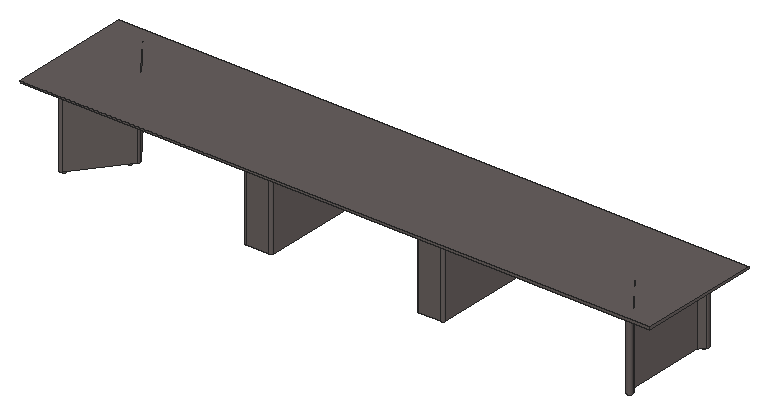
Revit family "Table-Teknion-CFTSTL_Figure_Table_Rectangular_Panel_V_Leg_Subtop-R2023", category Furniture, Revit 2023
Family settings
  OmniClass Number = 23.40.20.00
  OmniClass Title = General Furniture and Specialties
  Work Plane-Based = No
  Enable Cutting in Views = No
  Always vertical = Yes
  Cut with Voids When Loaded = No
  Render Appearance Source = Family Geometry
  Shared = Yes
  Room Calculation Point = No
Parameters (values of type "Figure Table, Rectangular, Panel V Leg, Subtop")
  Width [instance] = 240.000"
  Warranty = "http://www.teknion.com/ca/papers/legal-canada"
  V Leg Dim [instance] = if(Depth = 60.000", 33.045", 30.536")  # 33.045"
  Unit Weight URL = "http://www.teknion.com/ca/tools/assets#&asset=bee6a381-b954-425e-8283-5a2de3a804f2,f828d448-4b62-4231-9e5f-9a8991c0ed77"
  URL = "www.teknion.com"
  Top Finish [instance] = Veneer - Teknion - 5X - Flintwood - Dark Henna
  To render please download texture images found here [instance] = "https://assets.teknion.com/web/5e81352c1dfdb467/revit-material-swatches/"
  Sustainability Data = "https://www.teknion.com/ca/tools/assets#&topic=216f99a5-57a0-44fc-b10a-9dee9b29ae4c&asset=444deb64-fe58-4b68-981e-f75e97781df7,b4ff2d81-9f2e-437d-9659-7cffb09c31cf"
  Side Legs Dim [instance] = if(Depth = 60.000", 4.348", 3.581")  # 4.348"
  Series = "Custom Wood"  # constant formula
  Product Page URL = "https://www.teknion.com/ca/products/product-details?productLineId=f182336e-8e7a-673b-a6c8-ff00004460c4"
  Product Line = "Figure Table"  # constant formula
  Product Documentation Link = "https://d2r72yk5wmppdj.cloudfront.net/m/7b6608f508e3c5a8/Community_Table_Cut_Sheet.pdf"
  Power Cover Finish [instance] = Paint - Teknion - Mica - Graphite
  Part Number = "CFTSTL"  # constant formula
  Description = "Figure Table, Rectangular, Panel V Leg, Subtop"
  Base Finish [instance] = Veneer - Teknion - 5X - Flintwood - Dark Henna
  Base Dim [instance] = if(Depth = 60.000", 24.000", 18.000")  # 24.000"
  (N) No Central Base [instance] = not(or([(H) Hexa Panel], [(S) Softened Panel]))  # no
  Model = "CFTSTL______"  # constant formula
  Manufacturer Phone = "416-661-3370"  # constant formula
  Manufacturer Fax = "416.661.4586"  # constant formula
  Manufacturer Contact Information = "http://www.teknion.com/ca/contactus"
  Manufacturer Address = "1150 Flint Road, Toronto, ON. M3J 2J5. Canada"  # constant formula
  Manufacturer = "Teknion"  # constant formula
  How To Use Teknion Materials User Guide [instance] = "https://assets.teknion.com/m/205dd0a49fa58060/original/How-to-add-a-Material-Library-and-Texture-Images-to-your-Revit-project.pdf"
  (H) Hexa Panel [instance] = no
  For Additional Finishes please visit [instance] = "https://assets.teknion.com/m/44a8009b046e5d47/original/Teknion_Materials_Library.zip"
  Depth [instance] = 60.000"
  Default Elevation = 0.000"
  (S) Softened Panel [instance] = yes
  Central Base Options [instance] = if(Width > 131.000", "[(N) No Central Base] not available with selected width, Please select one of the options below", "Check / Uncheck for Base Options")  # "[(N) No Central Base] not available with selected width, Please select one of the options below"
  Base S 228"- [instance] = and([(S) Softened Panel], Width < 240.000")  # no
  Base S 240" [instance] = and([(S) Softened Panel], Width = 240.000")  # yes
  Base H 228"- [instance] = and([(H) Hexa Panel], Width < 240.000")  # no
  Base H 240" [instance] = and([(H) Hexa Panel], Width = 240.000")  # no
  Available Width [instance] = "Available In 96\", 108\", 120\", 132\", 144\", 156\", 168\", 180\", 192\", 204\", 216\", 228\", 240\""  # constant formula
  Available Depth [instance] = "Available In 48\", 54\", 60\""  # constant formula
  Assembly Code = "E2020200"
Reference planes (in)
  plane 1 "Center Front/Back": y = 0
  plane 2: z = 0
  plane 3 "Center Left/Right": x = 0.01361
  plane 4 "Left": x = -119.98639
  plane 5 "Right": x = 120.01361
  plane 6 "Back": y = 30
  plane 7 "Front": y = -30
  plane 8 "Top": z = 29
  plane 9: x = -39.98639
  plane 10: x = 40.01361
  plane 11: y = 12
  plane 12: y = -12
  plane 13: x = -86.94139
  plane 14: x = 86.96861
  plane 15: x = -35.63839
  plane 16: x = 35.66561
  plane 17: y = 22
  plane 18: x = 112.01361
  plane 19: x = -111.98639
  plane 20: y = -22
Forms (in)
  Sweep 1, solid, material "Veneer - Teknion - 5X - Flintwood - Dark Henna" <- "Top Finish"
    path origin (0, 0, 0) x (1, 0, 0) y (0, 0, 1)
      loop
        line (0.01361, 26.75) -> (0.01361, 27.5)
    profile origin (0.01361, 0, 27.125) x (-1, 0, 0) y (0, -1, 0)
      loop
        line (112, 22) -> (-112, 22) -> (-112, -22) -> (112, -22) -> (112, 22)
  Sweep 2, solid, material "Veneer - Teknion - 5X - Flintwood - Dark Henna" <- "Base Finish"
    path origin (0, 0, 0) x (1, 0, 0) y (0, 1, 0)
      loop
        line (100.01361, 0) -> (-99.98639, 0)
    profile origin (0.01361, 0, 0) x (0, -1, 0) y (0, 0, 1)
      loop
        line (-7.932, 18.75) -> (-10.932, 26.75) -> (-12, 26.75) -> (-9, 18.75) -> (-7.932, 18.75)
      loop
        line (10.932, 26.75) -> (7.932, 18.75) -> (9, 18.75) -> (12, 26.75) -> (10.932, 26.75)
  Sweep 3, void
    path origin (0, 0, 0) x (1, 0, 0) y (0, 0, 1)
      loop
        line (0.01361, 42) -> (0.01361, 18.75)
    profile origin (0.01361, 0, 30.375) x (0, -1, 0) y (1, 0, 0)
      loop
        line (-17.38985, -100.03867) -> (-17.38985, -104) -> (18, -104) -> (18, -100.50685) -> (0, -86.69497) -> (-17.38985, -100.03867)
      loop
        line (0, 86.69497) -> (17.68067, 100.26182) -> (17.68067, 104) -> (-17.31933, 104) -> (-17.31933, 99.98456) -> (0, 86.69497)
Cuts and joins
  Sweep 3 cuts Sweep 2
Lines and regions (in)
  Masking region 1
    outline origin (0, 0, 0) x (1, 0, 0) y (0, 1, 0)
      loop
        line (112.01361, 22) -> (-111.98639, 22) -> (-111.98639, -22) -> (112.01361, -22) -> (112.01361, 22)
  symbolic lines, style "FurnitureHiddenLines", detail levels medium+fine
    curve 1: line (-95.06977, 10.932, 0) -> (95.097, 10.932, 0)
    curve 2: line (95.097, 10.932, 0) -> (95.91651, 12, 0)
    curve 3: line (95.91651, 12, 0) -> (-95.88928, 12, 0)
    curve 4: line (-95.88928, 12, 0) -> (-95.06977, 10.932, 0)
    curve 5: line (-92.76779, 7.932, 0) -> (92.79502, 7.932, 0)
    curve 6: line (-93.5873, 9, 0) -> (93.61453, 9, 0)
    curve 7: line (92.79502, -7.932, 0) -> (-92.76779, -7.932, 0)
    curve 8: line (-93.5873, -9, 0) -> (93.61453, -9, 0)
    curve 9: line (-95.06977, -10.932, 0) -> (95.097, -10.932, 0)
    curve 10: line (-95.88928, -12, 0) -> (95.91651, -12, 0)
  reference lines
    curve 11: line (-111.98639, 22, 0) -> (112.01361, 22, 0)
    curve 12: line (-111.98639, 22, 0) -> (-111.98639, -22, 0)
    curve 13: line (112.01361, -22, 0) -> (-111.98639, -22, 0)
    curve 14: line (112.01361, -22, 0) -> (112.01361, 22, 0)
Dimensions and locks (in)
  "Width": plane 4 "Left" to plane 5 "Right"
  "Depth": plane 6 "Back" to plane 7 "Front"
  plane 8 "Top" to level = 29.000"
  plane 8 "Top" to Sweep 1 sketch curve to Sweep 1 sketch curve = 1.500" locked, 0.750" locked
  locked: plane 4 "Left" to Sweep 2 sketch curve at 20
  locked: Sweep 2 sketch curve to plane 5 "Right" at 20
  Sweep 2 sketch curve to Sweep 2 sketch curve to Sweep 2 sketch curve to Sweep 2 sketch curve = 1.068" locked, 1.932" locked, 1.068" locked
  Sweep 2 sketch curve to Sweep 2 sketch curve to Sweep 2 sketch curve to Sweep 2 sketch curve = 1.068", 1.932" locked, 1.068" locked
  plane 8 "Top" to Sweep 2 sketch curve to Sweep 2 sketch curve = 2.250" locked, 8.000" locked  (x2)
  locked: plane 7 "Front" to Sweep 1 sketch curve at 8
  locked: plane 4 "Left" to Sweep 1 sketch curve at 8
  locked: plane 6 "Back" to Sweep 1 sketch curve at 8
  locked: Sweep 1 sketch curve to plane 5 "Right" at 8
  equal spacing: plane 4 "Left", plane 3 "Center Left/Right", plane 5 "Right"
  equal spacing: plane 7 "Front", plane 1 "Center Front/Back", plane 6 "Back"
  equal spacing: plane 4 "Left", plane 9, plane 10, plane 5 "Right"
  equal spacing: plane 11, plane 1 "Center Front/Back", plane 12
  "Base Dim": plane 12 to plane 11
  "V Leg Dim": plane 4 "Left" to plane 13
  "V Leg Dim": plane 14 to plane 5 "Right"
  Sweep 3 sketch curve to plane 8 "Top" to Sweep 3 sketch curve = 13.000" locked, 10.250" locked
  Sweep 3 sketch curve to nested 8 to Sweep 3 sketch curve to Sweep 3 sketch curve = 18.000" locked, 0.000" locked, 17.38985" locked
  Sweep 3 sketch curve to plane 1 "Center Front/Back" to Sweep 3 sketch curve to Sweep 3 sketch curve = 17.68067" locked, 0.000" locked, 17.31933" locked
  Sweep 3 sketch curve to plane 14 to Sweep 3 sketch curve to Sweep 3 sketch curve to Sweep 3 sketch curve = 0.26003" locked, 13.02956" locked, 0.27727" locked, 3.73818" locked
  Sweep 3 sketch curve to Sweep 3 sketch curve to Sweep 3 sketch curve to plane 13 to Sweep 3 sketch curve = 3.49315" locked, 0.46819" locked, 13.08367" locked, 0.26003" locked
  "Side Legs Dim": plane 9 to plane 15
  "Side Legs Dim": plane 16 to plane 10
  locked: plane 7 "Front" to plane 20 at 8
  locked: plane 4 "Left" to plane 19 at 8
  locked: plane 6 "Back" to plane 17 at 8
  locked: plane 18 to plane 5 "Right" at 8
  aligned and locked: level to plane 2
  aligned and locked: plane 3 "Center Left/Right" to Sweep 1 sketch curve
  aligned and locked: Sweep 2 sketch curve to plane 1 "Center Front/Back"
  aligned and locked: plane 1 "Center Front/Back" to nested 1
  aligned and locked: plane 1 "Center Front/Back" to nested 2
  aligned and locked: plane 3 "Center Left/Right" to nested 3
  aligned and locked: plane 1 "Center Front/Back" to nested 3
  aligned and locked: plane 1 "Center Front/Back" to nested 6
  aligned and locked: plane 1 "Center Front/Back" to nested 4
  aligned and locked: plane 3 "Center Left/Right" to nested 5
  aligned and locked: plane 1 "Center Front/Back" to nested 5
  aligned and locked: plane 3 "Center Left/Right" to nested 7
  aligned and locked: plane 1 "Center Front/Back" to nested 7
  aligned and locked: plane 2 to nested 4
  aligned and locked: plane 2 to nested 3
  aligned and locked: plane 2 to nested 2
  aligned and locked: plane 2 to nested 1
  aligned and locked: plane 2 to nested 5
  aligned and locked: plane 2 to nested 6
  aligned and locked: plane 12 to Sweep 2 sketch curve
  aligned and locked: plane 11 to Sweep 2 sketch curve
  aligned and locked: plane 1 "Center Front/Back" to nested 8
  aligned and locked: nested 9 to plane 1 "Center Front/Back"
  aligned and locked: nested 8 to plane 13
  aligned and locked: plane 14 to nested 9
  aligned and locked: Sweep 3 sketch curve to plane 3 "Center Left/Right"
  aligned and locked: nested 4 to plane 15
  aligned and locked: nested 1 to plane 15
  aligned and locked: nested 2 to plane 16
  aligned and locked: nested 6 to plane 16
  aligned and locked: nested 8 to plane 2
  aligned and locked: nested 9 to plane 2
  aligned and locked: curve 1 to cut or joined group of Sweep 2, Sweep 3
  aligned and locked: curve 2 to cut or joined group of Sweep 2, Sweep 3
  aligned and locked: curve 3 to cut or joined group of Sweep 2, Sweep 3
  aligned and locked: curve 4 to cut or joined group of Sweep 2, Sweep 3
  aligned and locked: curve 5 to cut or joined group of Sweep 2, Sweep 3
  aligned and locked: curve 6 to cut or joined group of Sweep 2, Sweep 3
  aligned and locked: curve 7 to cut or joined group of Sweep 2, Sweep 3
  aligned and locked: curve 8 to cut or joined group of Sweep 2, Sweep 3
  aligned and locked: curve 9 to cut or joined group of Sweep 2, Sweep 3
  aligned and locked: curve 10 to cut or joined group of Sweep 2, Sweep 3
  aligned and locked: Masking region 1 sketch curve to Sweep 1  (x4)
  aligned and locked: curve 11 to plane 17
  aligned and locked: curve 12 to plane 19
  aligned and locked: curve 13 to plane 20
  aligned and locked: curve 14 to plane 18
Automatic sketch dimensions
  curve 1 to curve 5 = 2.30198"
  curve 5 to curve 1 = 2.30198"
  curve 6 to curve 5 = 0.81951"
  curve 5 to curve 6 = 0.81951"
  curve 7 to plane 13 = 5.82641"
  curve 7 to plane 14 = 5.82641"
  curve 8 to curve 7 = 0.81951"
  curve 7 to curve 8 = 0.81951"
  curve 9 to curve 8 = 1.48248"
  curve 8 to curve 9 = 1.48248"
  curve 10 to curve 9 = 0.81951"
  curve 9 to curve 10 = 0.81951"
Nested families (in)
  nested 1: "Softened Panel" at (-30.63839, 0, 0), Depth <- "Depth", Base Finish <- "Base Finish", visible <- "Base S 240"", type "Softened Panel"
    with Top Cutout yes, To render please download texture images found here "https://assets.teknion.com/web/5e81352c1dfdb467/revit-material-swatches/", Panel Width 36.000", Mid Leg no, Mid Cutout yes, Left Cutout yes, How To Use Teknion Materials User Guide "https://assets.teknion.com/m/205dd0a49fa58060/original/How-to-add-a-Material-Library-and-Texture-Images-to-your-Revit-project.pdf", Glide Finish Paint - Teknion - Foundation - Ebony, For Additional Finishes please visit "https://assets.teknion.com/m/44a8009b046e5d47/original/Teknion_Materials_Library.zip", Depth 60.000", Bottom Cutout yes, Base Finish Veneer - Teknion - 5X - Flintwood - Dark Henna
  nested 2: "Softened Panel" at (30.66561, 0, 0), Depth <- "Depth", Base Finish <- "Base Finish", visible <- "Base S 240"", type "Softened Panel"
    with Top Cutout yes, To render please download texture images found here "https://assets.teknion.com/web/5e81352c1dfdb467/revit-material-swatches/", Panel Width 36.000", Mid Leg no, Mid Cutout yes, Left Cutout no, How To Use Teknion Materials User Guide "https://assets.teknion.com/m/205dd0a49fa58060/original/How-to-add-a-Material-Library-and-Texture-Images-to-your-Revit-project.pdf", Glide Finish Paint - Teknion - Foundation - Ebony, For Additional Finishes please visit "https://assets.teknion.com/m/44a8009b046e5d47/original/Teknion_Materials_Library.zip", Depth 60.000", Bottom Cutout no, Base Finish Veneer - Teknion - 5X - Flintwood - Dark Henna
  nested 3: "Softened Panel" at (0.01361, 0, 0), Depth <- "Depth", Base Finish <- "Base Finish", visible <- "Base S 228"-", type "Softened Panel"
    with Top Cutout yes, To render please download texture images found here "https://assets.teknion.com/web/5e81352c1dfdb467/revit-material-swatches/", Panel Width 36.000", Mid Leg no, Mid Cutout yes, Left Cutout yes, How To Use Teknion Materials User Guide "https://assets.teknion.com/m/205dd0a49fa58060/original/How-to-add-a-Material-Library-and-Texture-Images-to-your-Revit-project.pdf", Glide Finish Paint - Teknion - Foundation - Ebony, For Additional Finishes please visit "https://assets.teknion.com/m/44a8009b046e5d47/original/Teknion_Materials_Library.zip", Depth 60.000", Bottom Cutout yes, Base Finish Veneer - Teknion - 5X - Flintwood - Dark Henna
  nested 4: "Hexa Panel" at (-30.63839, 0, 0), Base Finish <- "Base Finish", visible <- "Base H 240"", Depth <- "Depth", type "Hexa Panel"
    with To render please download texture images found here "https://assets.teknion.com/web/5e81352c1dfdb467/revit-material-swatches/", Panel Width 36.000", Mid Leg no, Left Cutout yes, How To Use Teknion Materials User Guide "https://assets.teknion.com/m/205dd0a49fa58060/original/How-to-add-a-Material-Library-and-Texture-Images-to-your-Revit-project.pdf", Glide Finish Paint - Teknion - Foundation - Ebony, For Additional Finishes please visit "https://assets.teknion.com/m/44a8009b046e5d47/original/Teknion_Materials_Library.zip", Depth 60.000", Base Finish Veneer - Teknion - 5X - Flintwood - Dark Henna
  nested 5: "Hexa Panel" at (0.01361, 0, 0), Base Finish <- "Base Finish", Depth <- "Depth", visible <- "Base H 228"-", type "Hexa Panel"
    with To render please download texture images found here "https://assets.teknion.com/web/5e81352c1dfdb467/revit-material-swatches/", Panel Width 36.000", Mid Leg no, Left Cutout yes, How To Use Teknion Materials User Guide "https://assets.teknion.com/m/205dd0a49fa58060/original/How-to-add-a-Material-Library-and-Texture-Images-to-your-Revit-project.pdf", Glide Finish Paint - Teknion - Foundation - Ebony, For Additional Finishes please visit "https://assets.teknion.com/m/44a8009b046e5d47/original/Teknion_Materials_Library.zip", Depth 60.000", Base Finish Veneer - Teknion - 5X - Flintwood - Dark Henna
  nested 6: "Hexa Panel" at (30.66561, 0, 0), Base Finish <- "Base Finish", visible <- "Base H 240"", Depth <- "Depth", type "Hexa Panel"
    with To render please download texture images found here "https://assets.teknion.com/web/5e81352c1dfdb467/revit-material-swatches/", Panel Width 36.000", Mid Leg no, Left Cutout no, How To Use Teknion Materials User Guide "https://assets.teknion.com/m/205dd0a49fa58060/original/How-to-add-a-Material-Library-and-Texture-Images-to-your-Revit-project.pdf", Glide Finish Paint - Teknion - Foundation - Ebony, For Additional Finishes please visit "https://assets.teknion.com/m/44a8009b046e5d47/original/Teknion_Materials_Library.zip", Depth 60.000", Base Finish Veneer - Teknion - 5X - Flintwood - Dark Henna
  nested 7: "Teknion_2D_Node_Family-R2021" at (0.01361, 0, 0), type "Teknion_2D_Node_Family-R2021"
  nested 8: "V Leg" at (-100.68179, 0.10332, 0), Base Finish <- "Base Finish", Depth <- "Depth", type "V Leg"
    with V Leg - Width 15.045", V Leg - Depth 36.000", To render please download texture images found here "https://assets.teknion.com/web/5e81352c1dfdb467/revit-material-swatches/", How To Use Teknion Materials User Guide "https://assets.teknion.com/m/205dd0a49fa58060/original/How-to-add-a-Material-Library-and-Texture-Images-to-your-Revit-project.pdf", Glide Finish Paint - Teknion - Foundation - Ebony, For Additional Finishes please visit "https://assets.teknion.com/m/44a8009b046e5d47/original/Teknion_Materials_Library.zip", Depth 60.000", Base Finish Veneer - Teknion - 5X - Flintwood - Dark Henna
  nested 9: "V Leg" at (100.70901, 0.10332, 0) x (-1, 0, 0) z (0, 0, 1), Base Finish <- "Base Finish", Depth <- "Depth", type "V Leg"
    with V Leg - Width 15.045", V Leg - Depth 36.000", To render please download texture images found here "https://assets.teknion.com/web/5e81352c1dfdb467/revit-material-swatches/", How To Use Teknion Materials User Guide "https://assets.teknion.com/m/205dd0a49fa58060/original/How-to-add-a-Material-Library-and-Texture-Images-to-your-Revit-project.pdf", Glide Finish Paint - Teknion - Foundation - Ebony, For Additional Finishes please visit "https://assets.teknion.com/m/44a8009b046e5d47/original/Teknion_Materials_Library.zip", Depth 60.000", Base Finish Veneer - Teknion - 5X - Flintwood - Dark Henna
Definition of nested family "Softened Panel"
  Parameters (values of type "Softened Panel")
    Warranty = "http://www.teknion.com/ca/papers/legal-canada"
    Unit Weight URL = "http://www.teknion.com/ca/tools/assets#&asset=bee6a381-b954-425e-8283-5a2de3a804f2,f828d448-4b62-4231-9e5f-9a8991c0ed77"
    URL = "www.teknion.com"
    Top Cutout [instance] = yes
    To render please download texture images found here [instance] = "https://assets.teknion.com/web/5e81352c1dfdb467/revit-material-swatches/"
    Sustainability Data = "https://www.teknion.com/ca/tools/assets#&topic=216f99a5-57a0-44fc-b10a-9dee9b29ae4c&asset=444deb64-fe58-4b68-981e-f75e97781df7,b4ff2d81-9f2e-437d-9659-7cffb09c31cf"
    Series = ""
    Product Page URL = ""
    Product Line = ""
    Product Documentation Link = ""
    Part Number = ""
    Panel Width [instance] = if(Depth = 60.000", 36.000", 30.000")  # 30.000"
    Model = ""
    Mid Leg [instance] = yes
    Mid Cutout [instance] = not(Mid Leg)  # no
    Manufacturer Phone = "416-661-3370"  # constant formula
    Manufacturer Fax = "416.661.4586"  # constant formula
    Manufacturer Contact Information = "http://www.teknion.com/ca/contactus"
    Manufacturer Address = "1150 Flint Road, Toronto, ON. M3J 2J5. Canada"  # constant formula
    Manufacturer = "Teknion"  # constant formula
    Left Cutout [instance] = yes
    How To Use Teknion Materials User Guide [instance] = "https://assets.teknion.com/m/205dd0a49fa58060/original/How-to-add-a-Material-Library-and-Texture-Images-to-your-Revit-project.pdf"
    Glide Finish [instance] = none
    For Additional Finishes please visit [instance] = "https://assets.teknion.com/m/44a8009b046e5d47/original/Teknion_Materials_Library.zip"
    Description = "Softened Panel"
    Depth [instance] = 0.000"
    Default Elevation = 0.000"
    Bottom Cutout [instance] = yes
    Base Finish [instance] = none
    Assembly Code = "E2020200"
  Reference planes (in)
    plane 1 "Center Front/Back": y = 0
    plane 2: z = 0
    plane 3 "Center Left/Right": x = 0
    plane 4 "Left": x = -5
    plane 5 "Right": x = 5
    plane 6 "Back": y = 15
    plane 7 "Front": y = -15
    plane 8 "Top": z = 26.75
    plane 9 "1": y = -13.646
    plane 10 "2": y = 13.646
    plane 11: z = 0.5
  Forms (in)
    Revolve 1, solid, material <- "Glide Finish"
      sketch origin (0, -13.646, 0) x (-1, 0, 0) y (0, 0, 1)
        loop
          line (3.64645, 0.25) -> (3.64645, 0) -> (4.14645, 0) -> (4.14645, 0.25) -> (3.64645, 0.25)
        axis (3.64645, 0.25) -> (3.64645, 0)
      angle from 0 to 360
    Revolve 2, solid, material <- "Glide Finish"
      sketch origin (7.81887, -13.646, 0) x (-1, 0, 0) y (0, 0, 1)
        loop
          line (4.17242, 0.25) -> (4.17242, 0) -> (4.67242, 0) -> (4.67242, 0.25) -> (4.17242, 0.25)
        axis (4.17242, 0.25) -> (4.17242, 0)
      angle from 0 to 360
    Revolve 3, solid, material <- "Glide Finish"
      sketch origin (0, 13.646, 0) x (-1, 0, 0) y (0, 0, 1)
        loop
          line (3.64645, 0.25) -> (3.64645, 0) -> (4.14645, 0) -> (4.14645, 0.25) -> (3.64645, 0.25)
        axis (3.64645, 0.25) -> (3.64645, 0)
      angle from 0 to 360
    Revolve 4, solid, material <- "Glide Finish"
      sketch origin (0, 13.646, 0) x (-1, 0, 0) y (0, 0, 1)
        loop
          line (-3.64645, 0.25) -> (-3.64645, 0) -> (-3.14645, 0) -> (-3.14645, 0.25) -> (-3.64645, 0.25)
        axis (-3.64645, 0.25) -> (-3.64645, 0)
      angle from 0 to 360
    Sweep 5, solid, material <- "Glide Finish"
      path origin (0, 0, 0) x (1, 0, 0) y (0, 0, 1)
        loop
          line (0, 0.5) -> (0, 0.25)
      profile origin (0, 0, 0.375) x (0, -1, 0) y (1, 0, 0)
        loop
          line (13.3335, -3.82713) -> (13.646, -4.00755) -> (13.9585, -3.82713) -> (13.9585, -3.46628) -> (13.646, -3.28586) -> (13.3335, -3.46628) -> (13.3335, -3.82713)
        loop
          line (13.3335, 3.46628) -> (13.646, 3.28586) -> (13.9585, 3.46628) -> (13.9585, 3.82713) -> (13.646, 4.00755) -> (13.3335, 3.82713) -> (13.3335, 3.46628)
        loop
          line (-13.9585, 3.46628) -> (-13.646, 3.28586) -> (-13.3335, 3.46628) -> (-13.3335, 3.82713) -> (-13.646, 4.00755) -> (-13.9585, 3.82713) -> (-13.9585, 3.46628)
        loop
          line (-13.9585, -3.82713) -> (-13.646, -4.00755) -> (-13.3335, -3.82713) -> (-13.3335, -3.46628) -> (-13.646, -3.28586) -> (-13.9585, -3.46628) -> (-13.9585, -3.82713)
    Sweep 6, solid, material <- "Base Finish"
      path origin (0, 0, 0) x (1, 0, 0) y (0, 0, 1)
        loop
          line (0, 26.75) -> (0, 0.5)
      profile origin (0, 0, 13.625) x (0, -1, 0) y (1, 0, 0)
        loop
          line (14, 5) -> (-14, 5)
          arc (-14, 5) -> (-14.70711, 4.70711) -> (-15, 4) r 1
          line (-15, 4) -> (-15, -4)
          arc (-15, -4) -> (-14.70711, -4.70711) -> (-14, -5) r 1
          line (-14, -5) -> (14, -5)
          arc (14, -5) -> (14.70711, -4.70711) -> (15, -4) r 1
          line (15, -4) -> (15, 4)
          arc (15, 4) -> (14.70711, 4.70711) -> (14, 5) r 1
    Sweep 7, void
      path origin (0, 0, 0) x (1, 0, 0) y (0, 1, 0)
        loop
          line (7.5, 0) -> (-7.5, 0)
      profile origin (0, 0, 0) x (0, -1, 0) y (0, 0, 1)
        loop
          line (-5, 27.5) -> (-5, 24.5)
          arc (-5, 24.5) -> (-4.85355, 24.14645) -> (-4.5, 24) r 0.5
          line (-4.5, 24) -> (4.5, 24)
          arc (4.5, 24) -> (4.85355, 24.14645) -> (5, 24.5) r 0.5
          line (5, 24.5) -> (5, 27.5) -> (-5, 27.5)
    Sweep 8, void
      path origin (0, 0, 0) x (1, 0, 0) y (0, 0, 1)
        loop
          line (0, 26) -> (0, 1.25)
      profile origin (0, 0, 13.625) x (0, -1, 0) y (1, 0, 0)
        loop
          line (-14.25, -4.25) -> (14.25, -4.25) -> (14.25, 4.25) -> (-14.25, 4.25) -> (-14.25, -4.25)
    Sweep 9, void
      path origin (0, 0, 0) x (1, 0, 0) y (0, 0, 1)
        loop
          line (0, 0) -> (0, 2)
      profile origin (0, 0, 1) x (-1, 0, 0) y (0, -1, 0)
        loop
          arc (3, -2.64575) -> (4, 0) -> (3, 2.64575) r 4
          line (3, 2.64575) -> (3, 4.5)
          arc (3, 4.5) -> (2.85355, 4.85355) -> (2.5, 5) r 0.5
          line (2.5, 5) -> (-2.5, 5)
          arc (-2.5, 5) -> (-2.85355, 4.85355) -> (-3, 4.5) r 0.5
          line (-3, 4.5) -> (-3, 2.64575)
          arc (-3, 2.64575) -> (-4, 0) -> (-3, -2.64575) r 4
          line (-3, -2.64575) -> (-3, -4.5)
          arc (-3, -4.5) -> (-2.85355, -4.85355) -> (-2.5, -5) r 0.5
          line (-2.5, -5) -> (2.5, -5)
          arc (2.5, -5) -> (2.85355, -4.85355) -> (3, -4.5) r 0.5
          line (3, -4.5) -> (3, -2.64575)
    Sweep 10, void
      path origin (0, 0, 0) x (1, 0, 0) y (0, 1, 0)
        loop
          line (-2.5, 0) -> (-7.5, 0)
      profile origin (-5, 0, 0) x (0, -1, 0) y (0, 0, 1)
        loop
          line (-3.9, 21) -> (-3.9, 4.6) -> (3.9, 4.6) -> (3.9, 21) -> (-3.9, 21)
        loop
          line (-4, 22) -> (-4, 4.5) -> (4, 4.5) -> (4, 22)
          arc (4, 22) -> (3.85355, 22.35355) -> (3.5, 22.5) r 0.5
          line (3.5, 22.5) -> (-3.5, 22.5)
          arc (-3.5, 22.5) -> (-3.85355, 22.35355) -> (-4, 22) r 0.5
    Sweep 11, void
      path origin (0, 0, 0) x (1, 0, 0) y (0, 1, 0)
        loop
          line (7.5, 0) -> (-7.25, 0)
      profile origin (0.125, 0, 0) x (0, -1, 0) y (0, 0, 1)
        loop
          arc (2.75, 24) -> (2.92678, 24.07322) -> (3, 24.25) r 0.25
          line (3, 24.25) -> (3, 25.75)
          arc (3, 25.75) -> (2.92678, 25.92678) -> (2.75, 26) r 0.25
          line (2.75, 26) -> (-2.75, 26)
          arc (-2.75, 26) -> (-2.92678, 25.92678) -> (-3, 25.75) r 0.25
          line (-3, 25.75) -> (-3, 24.25)
          arc (-3, 24.25) -> (-2.92678, 24.07322) -> (-2.75, 24) r 0.25
          line (-2.75, 24) -> (2.75, 24)
    Sweep 12, void
      path origin (0, 0, 0) x (1, 0, 0) y (0, 0, 1)
        loop
          line (0, 28.75) -> (0, -1.25)
      profile origin (0, 0, 13.75) x (0, -1, 0) y (1, 0, 0)
        loop
          arc (4.5, -3) -> (4.85355, -2.85355) -> (5, -2.5) r 0.5
          line (5, -2.5) -> (5, 2.5)
          arc (5, 2.5) -> (4.85355, 2.85355) -> (4.5, 3) r 0.5
          line (4.5, 3) -> (-4.5, 3)
          arc (-4.5, 3) -> (-4.85355, 2.85355) -> (-5, 2.5) r 0.5
          line (-5, 2.5) -> (-5, -2.5)
          arc (-5, -2.5) -> (-4.85355, -2.85355) -> (-4.5, -3) r 0.5
          line (-4.5, -3) -> (4.5, -3)
  Cuts and joins
    joined: Revolve 1, Revolve 2, Revolve 3, Revolve 4, Sweep 5
    Sweep 7, Sweep 8, Sweep 9, Sweep 10, Sweep 11, Sweep 12 cuts Sweep 6
  Lines and regions (in)
    symbolic lines, visible <- "Bottom Cutout", detail levels medium+fine
      curve 1: arc (3, 2.64575, 0) -> (4, 0, 0) -> (3, -2.64575, 0) r 4
      curve 2: arc (-3, -2.64575, 0) -> (-4, 0, 0) -> (-3, 2.64575, 0) r 4
      curve 41: arc (-3, 2.64575, 0) -> (-4, 0, 0) -> (-3, -2.64575, 0) r 4
      curve 47: arc (3, -2.64575, 0) -> (4, 0, 0) -> (3, 2.64575, 0) r 4
    symbolic lines, not visible, detail levels medium+fine
      curve 3: line (5, 5, 0) -> (-5, 5, 0)
      curve 4: line (-5, -5, 0) -> (5, -5, 0)
    symbolic lines, detail levels fine
      curve 5: line (-3.46628, 13.9585, 0) -> (-3.82713, 13.9585, 0)
      curve 6: line (-3.82713, 13.9585, 0) -> (-4.00755, 13.646, 0)
      curve 7: line (-4.00755, 13.646, 0) -> (-3.82713, 13.3335, 0)
      curve 8: line (-3.82713, 13.3335, 0) -> (-3.46628, 13.3335, 0)
      curve 9: line (-3.46628, 13.3335, 0) -> (-3.28586, 13.646, 0)
      curve 10: line (-3.28586, 13.646, 0) -> (-3.46628, 13.9585, 0)
      curve 11: arc (-4.14645, 13.646, 0) -> (-3.64645, 14.146, 0) -> (-3.14645, 13.646, 0) r 0.5
      curve 12: arc (-3.14645, 13.646, 0) -> (-3.64645, 13.146, 0) -> (-4.14645, 13.646, 0) r 0.5
      curve 13: arc (4.14645, 13.646, 0) -> (3.64645, 13.146, 0) -> (3.14645, 13.646, 0) r 0.5
      curve 14: arc (3.14645, 13.646, 0) -> (3.64645, 14.146, 0) -> (4.14645, 13.646, 0) r 0.5
      curve 15: line (3.82713, 13.9585, 0) -> (3.46628, 13.9585, 0)
      curve 16: line (3.46628, 13.9585, 0) -> (3.28586, 13.646, 0)
      curve 17: line (3.28586, 13.646, 0) -> (3.46628, 13.3335, 0)
      curve 18: line (3.46628, 13.3335, 0) -> (3.82713, 13.3335, 0)
      curve 19: line (3.82713, 13.3335, 0) -> (4.00755, 13.646, 0)
      curve 20: line (4.00755, 13.646, 0) -> (3.82713, 13.9585, 0)
      curve 21: line (3.82713, -13.3335, 0) -> (3.46628, -13.3335, 0)
      curve 22: line (3.46628, -13.3335, 0) -> (3.28586, -13.646, 0)
      curve 23: line (3.28586, -13.646, 0) -> (3.46628, -13.9585, 0)
      curve 24: line (3.46628, -13.9585, 0) -> (3.82713, -13.9585, 0)
      curve 25: line (3.82713, -13.9585, 0) -> (4.00755, -13.646, 0)
      curve 26: line (4.00755, -13.646, 0) -> (3.82713, -13.3335, 0)
      curve 27: arc (4.14645, -13.646, 0) -> (3.64645, -13.146, 0) -> (3.14645, -13.646, 0) r 0.5
      curve 28: arc (3.14645, -13.646, 0) -> (3.64645, -14.146, 0) -> (4.14645, -13.646, 0) r 0.5
      curve 29: arc (-4.14645, -13.646, 0) -> (-3.64645, -14.146, 0) -> (-3.14645, -13.646, 0) r 0.5
      curve 30: arc (-3.14645, -13.646, 0) -> (-3.64645, -13.146, 0) -> (-4.14645, -13.646, 0) r 0.5
      curve 31: line (-3.28586, -13.646, 0) -> (-3.46628, -13.3335, 0)
      curve 32: line (-3.46628, -13.3335, 0) -> (-3.82713, -13.3335, 0)
      curve 33: line (-3.82713, -13.3335, 0) -> (-4.00755, -13.646, 0)
      curve 34: line (-4.00755, -13.646, 0) -> (-3.82713, -13.9585, 0)
      curve 35: line (-3.82713, -13.9585, 0) -> (-3.46628, -13.9585, 0)
      curve 36: line (-3.46628, -13.9585, 0) -> (-3.28586, -13.646, 0)
    symbolic lines, detail levels medium+fine
      curve 37: line (-4.25, 14.25, 0) -> (-4.25, -14.25, 0)
      curve 38: line (-4.25, -14.25, 0) -> (4.25, -14.25, 0)
      curve 39: line (4.25, -14.25, 0) -> (4.25, 14.25, 0)
      curve 40: line (4.25, 14.25, 0) -> (-4.25, 14.25, 0)
      curve 42: line (-3, -2.64575, 0) -> (-3, -4.5, 0)
      curve 43: arc (-3, -4.5, 0) -> (-2.85355, -4.85355, 0) -> (-2.5, -5, 0) r 0.5
      curve 44: line (-2.5, -5, 0) -> (2.5, -5, 0)
      curve 45: arc (2.5, -5, 0) -> (2.85355, -4.85355, 0) -> (3, -4.5, 0) r 0.5
      curve 46: line (3, -4.5, 0) -> (3, -2.64575, 0)
      curve 48: line (3, 2.64575, 0) -> (3, 4.5, 0)
      curve 49: arc (3, 4.5, 0) -> (2.85355, 4.85355, 0) -> (2.5, 5, 0) r 0.5
      curve 50: line (2.5, 5, 0) -> (-2.5, 5, 0)
      curve 51: arc (-2.5, 5, 0) -> (-2.85355, 4.85355, 0) -> (-3, 4.5, 0) r 0.5
      curve 52: line (-3, 4.5, 0) -> (-3, 2.64575, 0)
      curve 53: line (-3, -4.5, 0) -> (-3, 4.5, 0)
      curve 54: arc (-3, 4.5, 0) -> (-2.85355, 4.85355, 0) -> (-2.5, 5, 0) r 0.5
      curve 55: line (-2.5, 5, 0) -> (2.5, 5, 0)
      curve 56: arc (2.5, 5, 0) -> (2.85355, 4.85355, 0) -> (3, 4.5, 0) r 0.5
      curve 57: line (3, 4.5, 0) -> (3, -4.5, 0)
      curve 58: arc (3, -4.5, 0) -> (2.85355, -4.85355, 0) -> (2.5, -5, 0) r 0.5
      curve 59: line (2.5, -5, 0) -> (-2.5, -5, 0)
      curve 60: arc (-2.5, -5, 0) -> (-2.85355, -4.85355, 0) -> (-3, -4.5, 0) r 0.5
      curve 61: line (-5, 14, 0) -> (-5, -14, 0)
      curve 62: arc (-5, -14, 0) -> (-4.70711, -14.70711, 0) -> (-4, -15, 0) r 1
      curve 63: line (-4, -15, 0) -> (4, -15, 0)
      curve 64: arc (4, -15, 0) -> (4.70711, -14.70711, 0) -> (5, -14, 0) r 1
      curve 65: line (5, -14, 0) -> (5, 14, 0)
      curve 66: arc (5, 14, 0) -> (4.70711, 14.70711, 0) -> (4, 15, 0) r 1
      curve 67: line (4, 15, 0) -> (-4, 15, 0)
      curve 68: arc (-4, 15, 0) -> (-4.70711, 14.70711, 0) -> (-5, 14, 0) r 1
  Dimensions and locks (in)
    plane 4 "Left" to plane 5 "Right" = 10.000"
    "Panel Width": plane 6 "Back" to plane 7 "Front"
    locked: plane 8 "Top" to level at 26.75
    equal spacing: plane 6 "Back", plane 1 "Center Front/Back", plane 7 "Front"
    equal spacing: plane 4 "Left", plane 3 "Center Left/Right", plane 5 "Right"
    locked: plane 6 "Back" to plane 10 "2" at 1.354
    locked: plane 7 "Front" to plane 9 "1" at 1.354
    locked: plane 11 to plane 2 at 0.5
    locked: Revolve 1 sketch curve to plane 2 at 0.25
    Revolve 1 sketch curve to Revolve 1 sketch curve to plane 4 "Left" = 0.500" locked, 0.85355" locked
    locked: Revolve 2 sketch curve to plane 2 at 0.25
    Revolve 2 sketch curve to Revolve 2 sketch curve to plane 5 "Right" = 0.500" locked, 1.35355" locked
    locked: Revolve 2 sketch curve to plane 5 "Right" at 1.35355
    Revolve 3 sketch curve to Revolve 3 sketch curve to plane 4 "Left" = 0.500" locked, 0.85355" locked
    locked: Revolve 3 sketch curve to plane 2 at 0.25
    locked: Revolve 4 sketch curve to plane 2 at 0.25
    Revolve 4 sketch curve to Revolve 4 sketch curve to plane 5 "Right" = 0.500" locked, 1.35355" locked
    locked: Revolve 4 sketch curve to plane 5 "Right" at 1.35355
    locked: Sweep 5 sketch curve to plane 2 at 0.25
    plane 4 "Left" to Sweep 5 sketch curve to Sweep 5 sketch curve to Sweep 5 sketch curve to Sweep 5 sketch curve to Sweep 5 sketch curve to Sweep 5 sketch curve = 0.99245" locked, 0.18042" locked, 0.000" locked, 0.36084" locked, 0.000" locked, 0.18042" locked  (x2)
    Sweep 5 sketch curve to Sweep 5 sketch curve to Sweep 5 sketch curve to Sweep 5 sketch curve to Sweep 5 sketch curve to Sweep 5 sketch curve to plane 5 "Right" = 0.18042" locked, 0.000" locked, 0.36084" locked, 0.000" locked, 0.18042" locked, 0.99245" locked  (x2)
    Sweep 5 sketch curve to plane 9 "1" to Sweep 5 sketch curve = 0.3125" locked, 0.3125" locked  (x2)
    Sweep 5 sketch curve to plane 10 "2" to Sweep 5 sketch curve = 0.3125" locked, 0.3125" locked  (x2)
    locked: plane 4 "Left" to Revolve 1 sketch curve at 1.35355
    locked: plane 4 "Left" to Revolve 3 sketch curve at 1.35355
    locked: plane 6 "Back" to Sweep 6 sketch curve at 1  (x2)
    locked: plane 7 "Front" to Sweep 6 sketch curve at 1  (x2)
    locked: plane 4 "Left" to Sweep 6 sketch curve at 1  (x2)
    locked: Sweep 6 sketch curve to plane 5 "Right" at 1  (x2)
    Sweep 7 sketch curve to Sweep 7 sketch curve to plane 1 "Center Front/Back" to Sweep 7 sketch curve to Sweep 7 sketch curve = 0.500" locked, 4.500" locked, 4.500" locked, 0.500" locked
    Sweep 7 sketch curve to plane 8 "Top" to Sweep 7 sketch curve = 0.750" locked, 2.750" locked
    locked: Sweep 8 sketch curve to plane 11 at 0.75
    locked: plane 8 "Top" to Sweep 8 sketch curve at 0.75
    locked: Sweep 8 sketch curve to plane 7 "Front" at 0.75
    locked: Sweep 8 sketch curve to plane 6 "Back" at 0.75
    locked: plane 4 "Left" to Sweep 8 sketch curve at 0.75
    locked: Sweep 8 sketch curve to plane 5 "Right" at 0.75
    locked: Sweep 9 sketch curve to plane 2 at 2
    Sweep 9 sketch curve to Sweep 9 sketch curve to Sweep 9 sketch curve to Sweep 9 sketch curve to Sweep 9 sketch curve to plane 1 "Center Front/Back" to Sweep 9 sketch curve to Sweep 9 sketch curve to Sweep 9 sketch curve to Sweep 9 sketch curve to Sweep 9 sketch curve = 0.500" locked, 0.000" locked, 1.85425" locked, 0.000" locked, 2.64575" locked, 2.64575" locked, 0.000" locked, 1.85425" locked, 0.000" locked, 0.500" locked
    Sweep 9 sketch curve to Sweep 9 sketch curve to plane 3 "Center Left/Right" to Sweep 9 sketch curve to Sweep 9 sketch curve = 0.500" locked, 2.500" locked, 2.500" locked, 0.500" locked
    Sweep 10 sketch curve to Sweep 10 sketch curve to plane 3 "Center Left/Right" = 5.000" locked, 2.500" locked
    Sweep 10 sketch curve to Sweep 10 sketch curve to Sweep 10 sketch curve to Sweep 10 sketch curve to plane 11 = 1.500" locked, 16.400" locked, 0.100" locked, 4.000" locked
    Sweep 10 sketch curve to Sweep 10 sketch curve to Sweep 10 sketch curve to plane 1 "Center Front/Back" to Sweep 10 sketch curve to Sweep 10 sketch curve to Sweep 10 sketch curve = 0.100" locked, 0.400" locked, 3.500" locked, 3.500" locked, 0.400" locked, 0.100" locked
    locked: Sweep 7 sketch curve to plane 4 "Left" at 2.5
    locked: plane 3 "Center Left/Right" to Sweep 11 sketch curve at 7.5
    Sweep 11 sketch curve to Sweep 11 sketch curve to plane 1 "Center Front/Back" to Sweep 11 sketch curve to Sweep 11 sketch curve = 0.250" locked, 2.750" locked, 2.750" locked, 0.250" locked
    Sweep 11 sketch curve to Sweep 11 sketch curve to Sweep 11 sketch curve to Sweep 11 sketch curve to plane 8 "Top" = 0.250" locked, 1.500" locked, 0.250" locked, 0.750" locked
    locked: Sweep 12 sketch curve to plane 8 "Top" at 2
    Sweep 12 sketch curve to Sweep 12 sketch curve to plane 3 "Center Left/Right" to Sweep 12 sketch curve to Sweep 12 sketch curve = 0.500" locked, 2.500" locked, 2.500" locked, 0.500" locked
    Sweep 12 sketch curve to Sweep 12 sketch curve to plane 1 "Center Front/Back" to Sweep 12 sketch curve to Sweep 12 sketch curve = 0.500" locked, 4.500" locked, 4.500" locked, 0.500" locked
    aligned and locked: level to plane 2
    aligned and locked: plane 2 to Revolve 1 sketch curve
    aligned and locked: plane 2 to Revolve 2 sketch curve
    aligned and locked: plane 2 to Revolve 3 sketch curve
    aligned and locked: plane 2 to Revolve 4 sketch curve
    aligned and locked: plane 11 to Sweep 5 sketch curve
    aligned and locked: Sweep 5 sketch curve to plane 3 "Center Left/Right"
    aligned and locked: plane 9 "1" to Sweep 5 sketch curve  (x4)
    aligned and locked: plane 10 "2" to Sweep 5 sketch curve  (x4)
    aligned and locked: plane 11 to Sweep 6 sketch curve
    aligned and locked: plane 8 "Top" to Sweep 6 sketch curve
    aligned and locked: Sweep 6 sketch curve to plane 3 "Center Left/Right"
    aligned and locked: Sweep 6 sketch curve to plane 7 "Front"
    aligned and locked: plane 4 "Left" to Sweep 6 sketch curve
    aligned and locked: plane 6 "Back" to Sweep 6 sketch curve
    aligned and locked: Sweep 7 sketch curve to plane 1 "Center Front/Back"
    aligned and locked: Sweep 8 sketch curve to plane 3 "Center Left/Right"
    aligned and locked: plane 2 to Sweep 9 sketch curve
    aligned and locked: plane 3 "Center Left/Right" to Sweep 9 sketch curve  (x3)
    aligned and locked: Sweep 9 sketch curve to Sweep 9 sketch curve
    aligned and locked: Sweep 10 sketch curve to plane 1 "Center Front/Back"
    aligned and locked: Sweep 12 sketch curve to plane 3 "Center Left/Right"
    aligned and locked: Sweep 11 sketch curve to plane 1 "Center Front/Back"
    aligned and locked: curve 5 to cut or joined group of Revolve 1, Revolve 2, Revolve 3, Revolve 4, Sweep 5
    aligned and locked: curve 6 to cut or joined group of Revolve 1, Revolve 2, Revolve 3, Revolve 4, Sweep 5
    aligned and locked: curve 7 to cut or joined group of Revolve 1, Revolve 2, Revolve 3, Revolve 4, Sweep 5
    aligned and locked: curve 8 to cut or joined group of Revolve 1, Revolve 2, Revolve 3, Revolve 4, Sweep 5
    aligned and locked: curve 9 to cut or joined group of Revolve 1, Revolve 2, Revolve 3, Revolve 4, Sweep 5
    aligned and locked: curve 10 to cut or joined group of Revolve 1, Revolve 2, Revolve 3, Revolve 4, Sweep 5
    aligned and locked: curve 11 to cut or joined group of Revolve 1, Revolve 2, Revolve 3, Revolve 4, Sweep 5
    aligned and locked: curve 12 to cut or joined group of Revolve 1, Revolve 2, Revolve 3, Revolve 4, Sweep 5
    aligned and locked: curve 13 to cut or joined group of Revolve 1, Revolve 2, Revolve 3, Revolve 4, Sweep 5
    aligned and locked: curve 14 to cut or joined group of Revolve 1, Revolve 2, Revolve 3, Revolve 4, Sweep 5
    aligned and locked: curve 15 to cut or joined group of Revolve 1, Revolve 2, Revolve 3, Revolve 4, Sweep 5
    aligned and locked: curve 16 to cut or joined group of Revolve 1, Revolve 2, Revolve 3, Revolve 4, Sweep 5
    aligned and locked: curve 17 to cut or joined group of Revolve 1, Revolve 2, Revolve 3, Revolve 4, Sweep 5
    aligned and locked: curve 18 to cut or joined group of Revolve 1, Revolve 2, Revolve 3, Revolve 4, Sweep 5
    aligned and locked: curve 19 to cut or joined group of Revolve 1, Revolve 2, Revolve 3, Revolve 4, Sweep 5
    aligned and locked: curve 20 to cut or joined group of Revolve 1, Revolve 2, Revolve 3, Revolve 4, Sweep 5
    aligned and locked: curve 21 to cut or joined group of Revolve 1, Revolve 2, Revolve 3, Revolve 4, Sweep 5
    aligned and locked: curve 22 to cut or joined group of Revolve 1, Revolve 2, Revolve 3, Revolve 4, Sweep 5
    aligned and locked: curve 23 to cut or joined group of Revolve 1, Revolve 2, Revolve 3, Revolve 4, Sweep 5
    aligned and locked: curve 24 to cut or joined group of Revolve 1, Revolve 2, Revolve 3, Revolve 4, Sweep 5
    aligned and locked: curve 25 to cut or joined group of Revolve 1, Revolve 2, Revolve 3, Revolve 4, Sweep 5
    aligned and locked: curve 26 to cut or joined group of Revolve 1, Revolve 2, Revolve 3, Revolve 4, Sweep 5
    aligned and locked: curve 27 to cut or joined group of Revolve 1, Revolve 2, Revolve 3, Revolve 4, Sweep 5
    aligned and locked: curve 28 to cut or joined group of Revolve 1, Revolve 2, Revolve 3, Revolve 4, Sweep 5
    aligned and locked: curve 29 to cut or joined group of Revolve 1, Revolve 2, Revolve 3, Revolve 4, Sweep 5
    aligned and locked: curve 30 to cut or joined group of Revolve 1, Revolve 2, Revolve 3, Revolve 4, Sweep 5
    aligned and locked: curve 31 to cut or joined group of Revolve 1, Revolve 2, Revolve 3, Revolve 4, Sweep 5
    aligned and locked: curve 32 to cut or joined group of Revolve 1, Revolve 2, Revolve 3, Revolve 4, Sweep 5
    aligned and locked: curve 33 to cut or joined group of Revolve 1, Revolve 2, Revolve 3, Revolve 4, Sweep 5
    aligned and locked: curve 34 to cut or joined group of Revolve 1, Revolve 2, Revolve 3, Revolve 4, Sweep 5
    aligned and locked: curve 35 to cut or joined group of Revolve 1, Revolve 2, Revolve 3, Revolve 4, Sweep 5
    aligned and locked: curve 36 to cut or joined group of Revolve 1, Revolve 2, Revolve 3, Revolve 4, Sweep 5
    aligned and locked: curve 37 to cut or joined group of Sweep 6, Sweep 7, Sweep 8, Sweep 9, Sweep 10, Sweep 11, Sweep 12
    aligned and locked: curve 38 to cut or joined group of Sweep 6, Sweep 7, Sweep 8, Sweep 9, Sweep 10, Sweep 11, Sweep 12
    aligned and locked: curve 39 to cut or joined group of Sweep 6, Sweep 7, Sweep 8, Sweep 9, Sweep 10, Sweep 11, Sweep 12
    aligned and locked: curve 40 to cut or joined group of Sweep 6, Sweep 7, Sweep 8, Sweep 9, Sweep 10, Sweep 11, Sweep 12
    aligned and locked: curve 41 to Sweep 9
    aligned and locked: curve 42 to Sweep 9
    aligned and locked: curve 43 to Sweep 9
    aligned and locked: curve 45 to Sweep 9
    aligned and locked: curve 47 to Sweep 9
    aligned and locked: curve 48 to Sweep 9
    aligned and locked: curve 49 to Sweep 9
    aligned and locked: curve 51 to Sweep 9
    aligned and locked: curve 62 to cut or joined group of Sweep 6, Sweep 7, Sweep 8, Sweep 9, Sweep 10, Sweep 11, Sweep 12
    aligned and locked: curve 64 to cut or joined group of Sweep 6, Sweep 7, Sweep 8, Sweep 9, Sweep 10, Sweep 11, Sweep 12
    aligned and locked: curve 66 to cut or joined group of Sweep 6, Sweep 7, Sweep 8, Sweep 9, Sweep 10, Sweep 11, Sweep 12
    aligned and locked: curve 68 to cut or joined group of Sweep 6, Sweep 7, Sweep 8, Sweep 9, Sweep 10, Sweep 11, Sweep 12
  Automatic sketch dimensions
    Revolve 2 sketch curve to plane 11 = 0.0769"
    Revolve 2 sketch curve to level = 0.3269"
    level to Revolve 4 sketch curve = 0.45393"
    plane 11 to Revolve 4 sketch curve = 0.08613"
    plane 11 to Revolve 1 sketch curve = 0.250"
    Revolve 1 sketch curve to level = 0.62632"
    Revolve 3 sketch curve to plane 11 = 0.250"
    level to Revolve 3 sketch curve = 0.500"
    Sweep 7 sketch curve to plane 5 "Right" = 2.500"
    Sweep 11 sketch curve to plane 4 "Left" = 2.250"
    Sweep 12 sketch curve to level = 1.250"
    curve 1 to curve 2 = 0.000"
    curve 4 to curve 1 = 2.35425"
    curve 2 to curve 3 = 2.35425"
    curve 1 to curve 47 = 0.000"
Definition of nested family "Hexa Panel"
  Parameters (values of type "Hexa Panel")
    Warranty = "http://www.teknion.com/ca/papers/legal-canada"
    Unit Weight URL = "http://www.teknion.com/ca/tools/assets#&asset=bee6a381-b954-425e-8283-5a2de3a804f2,f828d448-4b62-4231-9e5f-9a8991c0ed77"
    URL = "www.teknion.com"
    To render please download texture images found here [instance] = "https://assets.teknion.com/web/5e81352c1dfdb467/revit-material-swatches/"
    Sustainability Data = "https://www.teknion.com/ca/tools/assets#&topic=216f99a5-57a0-44fc-b10a-9dee9b29ae4c&asset=444deb64-fe58-4b68-981e-f75e97781df7,b4ff2d81-9f2e-437d-9659-7cffb09c31cf"
    Series = ""
    Product Page URL = ""
    Product Line = ""
    Product Documentation Link = ""
    Part Number = ""
    Panel Width [instance] = if(Depth = 60.000", 36.000", 30.000")  # 36.000"
    Model = ""
    Mid Leg [instance] = yes
    Manufacturer Phone = "416-661-3370"  # constant formula
    Manufacturer Fax = "416.661.4586"  # constant formula
    Manufacturer Contact Information = "http://www.teknion.com/ca/contactus"
    Manufacturer Address = "1150 Flint Road, Toronto, ON. M3J 2J5. Canada"  # constant formula
    Manufacturer = "Teknion"  # constant formula
    Left Cutout [instance] = yes
    How To Use Teknion Materials User Guide [instance] = "https://assets.teknion.com/m/205dd0a49fa58060/original/How-to-add-a-Material-Library-and-Texture-Images-to-your-Revit-project.pdf"
    Glide Finish [instance] = none
    For Additional Finishes please visit [instance] = "https://assets.teknion.com/m/44a8009b046e5d47/original/Teknion_Materials_Library.zip"
    Description = "Hexa Panel"
    Depth [instance] = 60.000"
    Default Elevation = 0.000"
    Base Finish [instance] = none
    Assembly Code = "E2020200"
  Reference planes (in)
    plane 1 "Center Front/Back": y = 0
    plane 2: z = 0
    plane 3 "Center Left/Right": x = 0
    plane 4 "Left": x = -5
    plane 5 "Right": x = 5
    plane 6 "Back": y = 18
    plane 7 "Front": y = -18
    plane 8 "Top": z = 26.75
    plane 9 "1": y = -15.5
    plane 10 "2": y = -7.06461
    plane 11 "4": y = 15.5
    plane 12 "3": y = 7.06461
    plane 13: z = 0.5
  Forms (in)
    Sweep 1, solid, material <- "Base Finish"
      path origin (0, 0, 0) x (1, 0, 0) y (0, 0, 1)
        loop
          line (0, 26.75) -> (0, 0.5)
      profile origin (0, 0, 13.625) x (0, -1, 0) y (1, 0, 0)
        loop
          line (-7.27625, 5) -> (-17.37404, 0.92741)
          arc (-17.37404, 0.92741) -> (-17.82887, 0.55945) -> (-18, 0) r 1
          arc (-18, 0) -> (-17.82887, -0.55945) -> (-17.37404, -0.92741) r 1
          line (-17.37404, -0.92741) -> (-7.27625, -5) -> (7.27625, -5) -> (17.37404, -0.92741)
          arc (17.37404, -0.92741) -> (17.82887, -0.55945) -> (18, 0) r 1
          arc (18, 0) -> (17.82887, 0.55945) -> (17.37404, 0.92741) r 1
          line (17.37404, 0.92741) -> (7.27625, 5) -> (-7.27625, 5)
    Sweep 2, void
      path origin (0, 0, 0) x (1, 0, 0) y (0, 0, 1)
        loop
          line (0, 26) -> (0, 1.25)
      profile origin (0, 0, 13.625) x (0, -1, 0) y (1, 0, 0)
        loop
          line (-7.25333, -4.88189) -> (7.25333, -4.88189) -> (17.13189, -0.89772) -> (17.13189, 0.89772) -> (7.25333, 4.88189) -> (-7.25333, 4.88189) -> (-17.13189, 0.89772) -> (-17.13189, -0.89772) -> (-7.25333, -4.88189)
    Sweep 3, void
      path origin (0, 0, 0) x (1, 0, 0) y (0, 0, 1)
        loop
          line (0, 28.75) -> (0, -2.25)
      profile origin (0, 0, 13.25) x (0, -1, 0) y (1, 0, 0)
        loop
          line (6.8652, -2.88189) -> (11.71124, -0.92741)
          arc (11.71124, -0.92741) -> (12.16607, -0.55945) -> (12.3372, 0) r 1
          arc (12.3372, 0) -> (12.16607, 0.55945) -> (11.71124, 0.92741) r 1
          line (11.71124, 0.92741) -> (6.8652, 2.88189) -> (-6.8652, 2.88189) -> (-11.71124, 0.92741)
          arc (-11.71124, 0.92741) -> (-12.16607, 0.55945) -> (-12.3372, 0) r 1
          arc (-12.3372, 0) -> (-12.16607, -0.55945) -> (-11.71124, -0.92741) r 1
          line (-11.71124, -0.92741) -> (-6.8652, -2.88189) -> (6.8652, -2.88189)
    Revolve 4, solid, material <- "Glide Finish"
      sketch origin (0, -15.5, 0) x (-1, 0, 0) y (0, 0, 1)
        loop
          line (0, 0.25) -> (0, 0) -> (0.5, 0) -> (0.5, 0.25) -> (0, 0.25)
        axis (0, 0.25) -> (0, 0)
      angle from 0 to 360
    Revolve 5, solid, material <- "Glide Finish"
      sketch origin (0, -7.06461, 0) x (-1, 0, 0) y (0, 0, 1)
        loop
          line (3.90943, 0.25) -> (3.90943, 0) -> (4.40943, 0) -> (4.40943, 0.25) -> (3.90943, 0.25)
        axis (3.90943, 0.25) -> (3.90943, 0)
      angle from 0 to 360
    Revolve 6, solid, material <- "Glide Finish"
      sketch origin (7.81887, -7.06461, 0) x (-1, 0, 0) y (0, 0, 1)
        loop
          line (3.90943, 0.25) -> (3.90943, 0) -> (4.40943, 0) -> (4.40943, 0.25) -> (3.90943, 0.25)
        axis (3.90943, 0.25) -> (3.90943, 0)
      angle from 0 to 360
    Revolve 7, solid, material <- "Glide Finish"
      sketch origin (0, 7.06461, 0) x (-1, 0, 0) y (0, 0, 1)
        loop
          line (3.90943, 0.25) -> (3.90943, 0) -> (4.40943, 0) -> (4.40943, 0.25) -> (3.90943, 0.25)
        axis (3.90943, 0.25) -> (3.90943, 0)
      angle from 0 to 360
    Revolve 8, solid, material <- "Glide Finish"
      sketch origin (0, 7.06461, 0) x (-1, 0, 0) y (0, 0, 1)
        loop
          line (-3.90943, 0.25) -> (-3.90943, 0) -> (-3.40943, 0) -> (-3.40943, 0.25) -> (-3.90943, 0.25)
        axis (-3.90943, 0.25) -> (-3.90943, 0)
      angle from 0 to 360
    Revolve 9, solid, material <- "Glide Finish"
      sketch origin (0, 15.5, 0) x (-1, 0, 0) y (0, 0, 1)
        loop
          line (0, 0.25) -> (0, 0) -> (0.5, 0) -> (0.5, 0.25) -> (0, 0.25)
        axis (0, 0.25) -> (0, 0)
      angle from 0 to 360
    Sweep 10, solid, material <- "Glide Finish"
      path origin (0, 0, 0) x (1, 0, 0) y (0, 0, 1)
        loop
          line (0, 0.5) -> (0, 0.25)
      profile origin (0, 0, 0.375) x (0, -1, 0) y (1, 0, 0)
        loop
          line (15.1875, -0.18042) -> (15.5, -0.36084) -> (15.8125, -0.18042) -> (15.8125, 0.18042) -> (15.5, 0.36084) -> (15.1875, 0.18042) -> (15.1875, -0.18042)
        loop
          line (6.75211, -4.08986) -> (7.06461, -4.27028) -> (7.37711, -4.08986) -> (7.37711, -3.72901) -> (7.06461, -3.54859) -> (6.75211, -3.72901) -> (6.75211, -4.08986)
        loop
          line (6.75211, 3.72901) -> (7.06461, 3.54859) -> (7.37711, 3.72901) -> (7.37711, 4.08986) -> (7.06461, 4.27028) -> (6.75211, 4.08986) -> (6.75211, 3.72901)
        loop
          line (-7.37711, 3.72901) -> (-7.06461, 3.54859) -> (-6.75211, 3.72901) -> (-6.75211, 4.08986) -> (-7.06461, 4.27028) -> (-7.37711, 4.08986) -> (-7.37711, 3.72901)
        loop
          line (-7.37711, -4.08986) -> (-7.06461, -4.27028) -> (-6.75211, -4.08986) -> (-6.75211, -3.72901) -> (-7.06461, -3.54859) -> (-7.37711, -3.72901) -> (-7.37711, -4.08986)
        loop
          line (-15.8125, -0.18042) -> (-15.5, -0.36084) -> (-15.1875, -0.18042) -> (-15.1875, 0.18042) -> (-15.5, 0.36084) -> (-15.8125, 0.18042) -> (-15.8125, -0.18042)
    Sweep 11, void
      path origin (0, 0, 0) x (1, 0, 0) y (0, 1, 0)
        loop
          line (-8, 0) -> (8, 0)
      profile origin (0, 0, 0) x (0, 1, 0) y (0, 0, 1)
        loop
          line (-4.5, 24) -> (4.5, 24)
          arc (4.5, 24) -> (4.85355, 24.14645) -> (5, 24.5) r 0.5
          line (5, 24.5) -> (5, 26.75) -> (-5, 26.75) -> (-5, 24.5)
          arc (-5, 24.5) -> (-4.85355, 24.14645) -> (-4.5, 24) r 0.5
    Sweep 12, void
      path origin (0, 0, 0) x (1, 0, 0) y (0, 1, 0)
        loop
          line (-8.25, 0) -> (-1, 0)
      profile origin (-4.625, 0, 0) x (0, 1, 0) y (0, 0, 1)
        loop
          line (3.5, 22.5) -> (-3.5, 22.5)
          arc (-3.5, 22.5) -> (-3.85355, 22.35355) -> (-4, 22) r 0.5
          line (-4, 22) -> (-4, 4.5) -> (4, 4.5) -> (4, 22)
          arc (4, 22) -> (3.85355, 22.35355) -> (3.5, 22.5) r 0.5
        loop
          line (-3.9, 21.25) -> (-3.9, 4.6) -> (3.9, 4.6) -> (3.9, 21.25) -> (-3.9, 21.25)
    Sweep 13, void
      path origin (0, 0, 0) x (1, 0, 0) y (0, 0, 1)
        loop
          line (0, 5.5) -> (0, -4.5)
      profile origin (0, 0, 0.5) x (0, -1, 0) y (1, 0, 0)
        loop
          circle (0, 0) r 4.11878
    Sweep 14, void
      path origin (0, 0, 0) x (1, 0, 0) y (0, 1, 0)
        loop
          line (-8, 0) -> (7.25, 0)
      profile origin (-0.375, 0, 0) x (0, 1, 0) y (0, 0, 1)
        loop
          line (2.75, 24.25) -> (2.75, 25.75)
          arc (2.75, 25.75) -> (2.67678, 25.92678) -> (2.5, 26) r 0.25
          line (2.5, 26) -> (-2.5, 26)
          arc (-2.5, 26) -> (-2.67678, 25.92678) -> (-2.75, 25.75) r 0.25
          line (-2.75, 25.75) -> (-2.75, 24.25)
          arc (-2.75, 24.25) -> (-2.67678, 24.07322) -> (-2.5, 24) r 0.25
          line (-2.5, 24) -> (2.5, 24)
          arc (2.5, 24) -> (2.67678, 24.07322) -> (2.75, 24.25) r 0.25
  Cuts and joins
    Sweep 2, Sweep 3, Sweep 11, Sweep 12, Sweep 13, Sweep 14 cuts Sweep 1
    joined: Revolve 4, Revolve 5, Revolve 6, Revolve 7, Revolve 8, Revolve 9, Sweep 10
  Lines and regions (in)
    symbolic lines, detail levels medium+fine
      curve 1: line (5, 7.27625, 0) -> (0.67495, 18, 0)
      curve 2: line (-0.67495, 18, 0) -> (-5, 7.27625, 0)
      curve 3: arc (0, 18, 0) -> (-0.55945, 17.82887, 0) -> (-0.92741, 17.37404, 0) r 1
      curve 4: arc (0.92741, 17.37404, 0) -> (0.55945, 17.82887, 0) -> (0, 18, 0) r 1
      curve 5: line (5, -7.27625, 0) -> (5, 7.27625, 0)
      curve 6: line (-5, 7.27625, 0) -> (-5, -7.27625, 0)
      curve 7: line (-5, -7.27625, 0) -> (-0.67495, -18, 0)
      curve 8: line (0.67495, -18, 0) -> (5, -7.27625, 0)
      curve 9: arc (0, -18, 0) -> (0.55945, -17.82887, 0) -> (0.92741, -17.37404, 0) r 1
      curve 10: arc (-0.92741, -17.37404, 0) -> (-0.55945, -17.82887, 0) -> (0, -18, 0) r 1
      curve 11: line (-0.89772, -17.13189, 0) -> (0.89772, -17.13189, 0)
      curve 12: line (-4.88189, -7.25333, 0) -> (-0.89772, -17.13189, 0)
      curve 13: line (0.89772, -17.13189, 0) -> (4.88189, -7.25333, 0)
      curve 14: line (-4.88189, 7.25333, 0) -> (-4.88189, -7.25333, 0)
      curve 15: line (4.88189, -7.25333, 0) -> (4.88189, 7.25333, 0)
      curve 16: line (0.89772, 17.13189, 0) -> (-0.89772, 17.13189, 0)
      curve 17: line (-0.89772, 17.13189, 0) -> (-4.88189, 7.25333, 0)
      curve 18: line (4.88189, 7.25333, 0) -> (0.89772, 17.13189, 0)
      curve 19: line (2.88189, -6.8652, 0) -> (2.88189, 6.8652, 0)
      curve 20: line (0.92741, -11.71124, 0) -> (2.88189, -6.8652, 0)
      curve 21: line (-2.88189, -6.8652, 0) -> (-0.92741, -11.71124, 0)
      curve 22: line (-2.88189, 6.8652, 0) -> (-2.88189, -6.8652, 0)
      curve 23: line (-0.92741, 11.71124, 0) -> (-2.88189, 6.8652, 0)
      curve 24: line (2.88189, 6.8652, 0) -> (0.92741, 11.71124, 0)
      curve 25: arc (0.92741, 11.71124, 0) -> (0.55945, 12.16607, 0) -> (0, 12.3372, 0) r 1
      curve 26: arc (0, 12.3372, 0) -> (-0.55945, 12.16607, 0) -> (-0.92741, 11.71124, 0) r 1
      curve 27: arc (0, -12.3372, 0) -> (0.55945, -12.16607, 0) -> (0.92741, -11.71124, 0) r 1
      curve 28: arc (-0.92741, -11.71124, 0) -> (-0.55945, -12.16607, 0) -> (0, -12.3372, 0) r 1
    symbolic lines, detail levels fine
      curve 29: line (0.18042, -15.1875, 0) -> (-0.18042, -15.1875, 0)
      curve 30: line (-0.18042, -15.1875, 0) -> (-0.36084, -15.5, 0)
      curve 31: line (-0.36084, -15.5, 0) -> (-0.18042, -15.8125, 0)
      curve 32: line (-0.18042, -15.8125, 0) -> (0.18042, -15.8125, 0)
      curve 33: line (0.18042, -15.8125, 0) -> (0.36084, -15.5, 0)
      curve 34: line (0.36084, -15.5, 0) -> (0.18042, -15.1875, 0)
      curve 35: line (-3.54859, -7.06461, 0) -> (-3.72901, -6.75211, 0)
      curve 36: line (-3.72901, -6.75211, 0) -> (-4.08986, -6.75211, 0)
      curve 37: line (-4.08986, -6.75211, 0) -> (-4.27028, -7.06461, 0)
      curve 38: line (-4.27028, -7.06461, 0) -> (-4.08986, -7.37711, 0)
      curve 39: line (-4.08986, -7.37711, 0) -> (-3.72901, -7.37711, 0)
      curve 40: line (-3.72901, -7.37711, 0) -> (-3.54859, -7.06461, 0)
      curve 41: line (4.08986, -6.75211, 0) -> (3.72901, -6.75211, 0)
      curve 42: line (3.72901, -6.75211, 0) -> (3.54859, -7.06461, 0)
      curve 43: line (3.54859, -7.06461, 0) -> (3.72901, -7.37711, 0)
      curve 44: line (3.72901, -7.37711, 0) -> (4.08986, -7.37711, 0)
      curve 45: line (4.08986, -7.37711, 0) -> (4.27028, -7.06461, 0)
      curve 46: line (4.27028, -7.06461, 0) -> (4.08986, -6.75211, 0)
      curve 47: line (4.08986, 7.37711, 0) -> (3.72901, 7.37711, 0)
      curve 48: line (3.72901, 7.37711, 0) -> (3.54859, 7.06461, 0)
      curve 49: line (3.54859, 7.06461, 0) -> (3.72901, 6.75211, 0)
      curve 50: line (3.72901, 6.75211, 0) -> (4.08986, 6.75211, 0)
      curve 51: line (4.08986, 6.75211, 0) -> (4.27028, 7.06461, 0)
      curve 52: line (4.27028, 7.06461, 0) -> (4.08986, 7.37711, 0)
